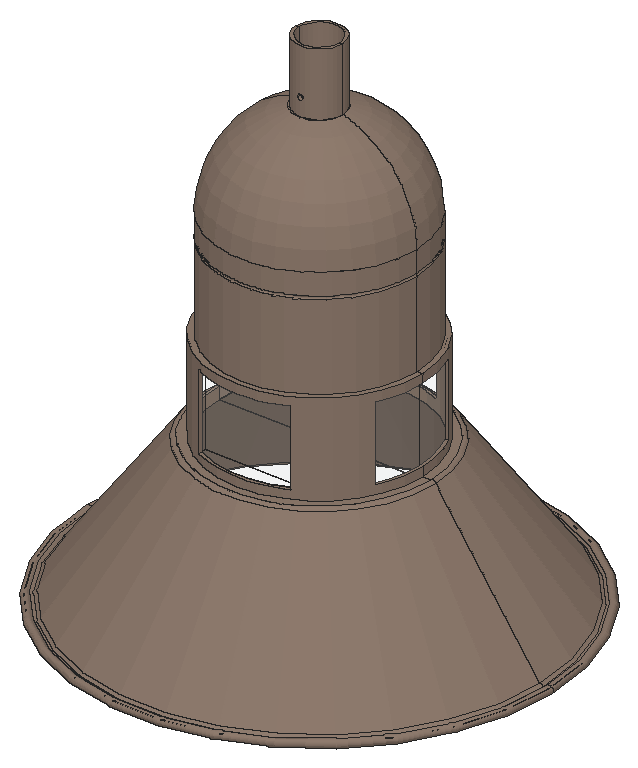
Revit family "BVA2004", category Generic Models, Revit 2014
Parameters
  GLASS = Glass
  BELL = Bronze, Architectural
Reference planes (in)
  plane 1 "Center (Front/Back)": y = 0
  plane 2: z = 0
  plane 3 "Center (Left/Right)": x = 0
Forms (in)
  Revolve 1, solid, material "Bronze, Architectural" <- "BELL"
    sketch origin (0, 0, 0) x (1, 0, 0) y (0, 0, 1)
      loop
        line (-0.69, 19.36504) -> (-1.0625, 19.36504)
        arc (-1.0625, 19.36504) -> (-3.35992, 17.85258) -> (-4.25, 15.25) r 4.25
        line (-4.25, 15.25) -> (-4.25, 14.3125)
        arc (-4.25, 14.3125) -> (-4.21143, 14.25) -> (-4.25, 14.1875) r 0.06992
        line (-4.25, 14.1875) -> (-4.25, 10.5) -> (-4.125, 10.5) -> (-4.125, 14.1336)
        arc (-4.125, 14.1336) -> (-4.08643, 14.25) -> (-4.125, 14.3664) r 0.19492
        line (-4.125, 14.3664) -> (-4.125, 15.25)
        arc (-4.125, 15.25) -> (-3.26592, 17.7698) -> (-1.0465, 19.24004) r 4.125
        line (-1.0465, 19.24004) -> (-0.69, 19.24004) -> (-0.69, 19.36504)
      axis (0, 19.36504) -> (0, 10.5)
    angle from 0 to 360
  Revolve 2, solid, material "Bronze, Architectural" <- "BELL"
    sketch origin (0, 0, 0) x (1, 0, 0) y (0, 0, 1)
      loop
        line (4.125, 10.5) -> (4.125, 10.375) -> (4.375, 10.375) -> (4.375, 6.375) -> (4.87357, 6.375)
        arc (4.87357, 6.375) -> (4.92998, 6.36155) -> (4.97425, 6.32408) r 0.125
        line (4.97425, 6.32408) -> (9.49726, 0.17708)
        arc (9.49726, 0.17708) -> (9.57445, 0.09955) -> (9.66595, 0.03956) r 0.52882
        arc (9.66595, 0.03956) -> (9.82887, -0.0156) -> (9.99978, -0.035) r 0.80764
        arc (9.99978, -0.035) -> (10.14244, 0.20073) -> (9.86723, 0.21428) r 0.16042
        line (9.86723, 0.21428) -> (9.97131, 0.14504)
        arc (9.97131, 0.14504) -> (10.03207, 0.14205) -> (10.00057, 0.09) r 0.03542
        arc (10.00057, 0.09) -> (9.85748, 0.10609) -> (9.72095, 0.15185) r 0.68264
        arc (9.72095, 0.15185) -> (9.65343, 0.19644) -> (9.59616, 0.25359) r 0.40382
        line (9.59616, 0.25359) -> (5.07493, 6.39816)
        arc (5.07493, 6.39816) -> (4.98639, 6.47309) -> (4.87357, 6.5) r 0.25
        line (4.87357, 6.5) -> (4.5, 6.5) -> (4.5, 10.5) -> (4.125, 10.5)
      axis (0, 10.5) -> (0, -0.035)
    angle from 0 to 360
  Extrusion 3, void
    sketch origin (0, 0, 0) x (1, 0, 0) y (0, 0, 1)
      loop
        line (2, 10.125) -> (-2, 10.125) -> (-2, 6.875) -> (2, 6.875) -> (2, 10.125)
    from 3.69326 to 4.71322
  Extrusion 4, void
    sketch origin (0, 0, 0) x (0, 1, 0) y (0, 0, 1)
      loop
        line (2, 10.125) -> (-2, 10.125) -> (-2, 6.875) -> (2, 6.875) -> (2, 10.125)
    from 3.69326 to 4.71322
  Extrusion 5, void
    sketch origin (0, 0, 0) x (0, -1, 0) y (0, 0, 1)
      loop
        line (2, 10.125) -> (-2, 10.125) -> (-2, 6.875) -> (2, 6.875) -> (2, 10.125)
    from 3.69326 to 4.71322
  Extrusion 6, void
    sketch origin (0, 0, 0) x (-1, 0, 0) y (0, 0, 1)
      loop
        line (2, 10.125) -> (-2, 10.125) -> (-2, 6.875) -> (2, 6.875) -> (2, 10.125)
    from 3.69326 to 4.71322
  Revolve 7, solid, material "Glass" <- "GLASS"
    sketch origin (0, 0, 0) x (1, 0, 0) y (0, 0, 1)
      loop
        line (4.375, 6.375) -> (4.375, 10.375) -> (0, 10.375) -> (0, 6.375) -> (4.375, 6.375)
      axis (0, 10.375) -> (0, 6.375)
    angle from 0 to 360
  Revolve 8, solid, material "Bronze, Architectural" <- "BELL"
    sketch origin (0, 0, 0) x (1, 0, 0) y (0, 0, 1)
      loop
        line (-1, 22.11504) -> (-1, 19.36504) -> (-0.875, 19.36504) -> (-0.875, 22.11504) -> (-1, 22.11504)
      axis (0, 22.11504) -> (0, 19.36504)
    angle from 0 to 360
  Extrusion 9, void
    sketch origin (0, 0, 0) x (1, 0, 0) y (0, 0, 1)
      loop
        circle (0, 20.11504) r 0.12446
    from -1.05923 to 1.05677
Cuts and joins
  Extrusion 3, Extrusion 4, Extrusion 5, Extrusion 6 cuts Revolve 2
  Extrusion 3 cuts Revolve 7
  Extrusion 9 cuts Revolve 8
Dimensions and locks (in)
  aligned and locked: plane 2 to level
